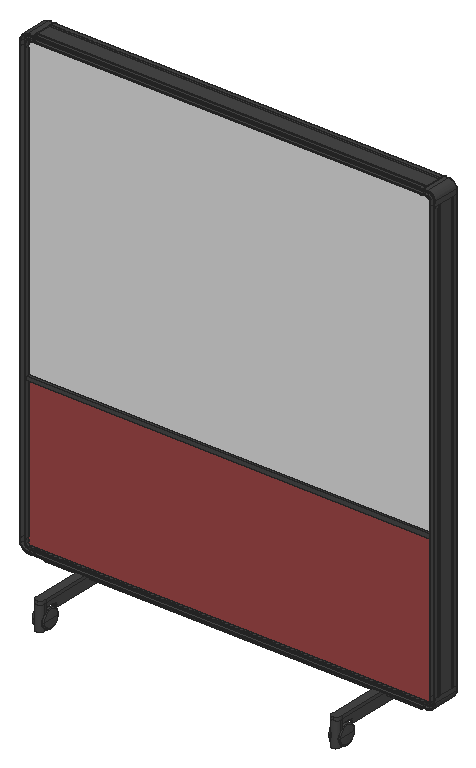
Revit family "DBLTD_TheSenatorGroup_PrvcyScrn_AdaptWall_Screen", category Furniture, Revit 2020
Family settings
  OmniClass Number = 23.40.20.00
  OmniClass Title = General Furniture and Specialties
  Work Plane-Based = No
  Always vertical = Yes
  Cut with Voids When Loaded = No
  Shared = Yes
  Room Calculation Point = No
Parameters (values of type "Screen Fabric & Magnetic Drywipe Upper Panels, MFC Lower Panels 1650mm Wide")
  WarrantyStartDate [instance] = "1900-12-31T23:59:59"
  WarrantyGuarantorParts = "n/a"
  WarrantyGuarantorLabor = "n/a"
  WarrantyDurationUnit = "Years"
  WarrantyDurationParts = "n/a"
  WarrantyDurationLabor = "n/a"
  WarrantyDescription = "Senator warrants that its manufactured products are free from manufacturing defects - in materials or workmanship - for a period of ten (10) years on Senator Seating ranges; and fifteen (15) years on Senator Desking ranges"
  Version = "1"  # constant formula
  Uniclass2015Version = "Products v1.9"
  Uniclass2015Title = "Privacy screens"
  Uniclass2015Code = "Pr_40_30_20_65"
  URL = "https://www.thesenatorgroup.com/"
  Type Comments = ModelReference  # "Screen Fabric & Magnetic Drywipe Upper Panels, MFC Lower Panels 1650mm Wide"
  TagNumber [instance] = "n/a"
  SustainabilityPerformance = "n/a"
  Style = "n/a"
  Status [instance] = "New"
  Size = "L 530mm x  W 1650mm x  H 1965mm"
  Shape = "Rectangular"
  SerialNumber [instance] = "n/a"
  ScreenType = DBLTD_TheSenatorGroup_OffcStrg_AdaptWall_Screen : Fabric & Drywipe with MFC
  ScreenPanelMaterial = TheSenatorGroup_Drywipe_White
  ScreenMaterial [instance] = TheSenatorGroup_Fabric_Grey
  Revision = "n/a"
  ReplacementCost = "0"
  Reference = "n/a"
  ProductInformation = "https://www.thesenatorgroup.com/"
  PanelMaterial [instance] = TheSenatorGroup_Wood_StrataOak
  NominalWidth = 1650 mm
  NominalLength = NominalWidth  # 1650 mm
  NominalHeight = 1965 mm
  NominalDepth = 530 mm
  Name = "PrivacyScreens_AdaptWall_Screen_TheSenatorGroup"
  NBSReference = "45-35-25/320"
  NBSDescription = "Freestanding Screens"
  NBSCertification = ""
  ModelReference = "Screen Fabric & Magnetic Drywipe Upper Panels, MFC Lower Panels 1650mm Wide"
  ModelNumber = "AW2016MFMD"
  Model = ModelNumber  # "AW2016MFMD"
  Material = "MFC, Fabric"
  ManufacturerURL = "https://www.thesenatorgroup.com/"
  ManufacturerName = "The Senator Group"
  Manufacturer = "The Senator Group"
  MainColor = "n/a"
  Keynote = "Pr_40_30_20_65"
  IsBuiltIn = no
  IntegralAccessories = "n/a"
  InstallationDate [instance] = "1900-12-31T23:59:59"
  IfcExportType = "Screen"  # constant formula
  IfcExportAs = "IfcFurnitureTypeEnum"  # constant formula
  Grade = "n/a"
  FramesColour = "Black, White"
  FrameMaterial [instance] = TheSenatorGroup_Metal_Black
  Finish = "Frame available in Black or White. Fabric Camirs Blazer Range. MFC Storage available in Black, White or Strata Oak."
  Features = "Media Unit Screen"
  ExpectedLife = "n/a"
  DurationUnit = "Years"
  DimensionsPlanSize = "1650 mm x 530 mm"
  DimensionsHeight = "1965"
  Description = ModelReference  # "Screen Fabric & Magnetic Drywipe Upper Panels, MFC Lower Panels 1650mm Wide"
  Default Elevation = 0 mm
  Cost = 0
  Constituents = "n/a"
  Color = "n/a"
  CodePerformance = "n/a"
  Category = "Pr_40_30_20_65:Privacy screens"
  BarCode [instance] = "n/a"
  Author = "Diane Butterworth Ltd"  # constant formula
  AssetType = "Movable"
  AssetIdentifier [instance] = "n/a"
  Assembly Code = "E2020200"
  AccessibilityPerformance = "n/a"
Reference planes
  plane 1 "Center (Front/Back)": y = 0
  plane 2: z = 0
  plane 3 "Center (Left/Right)": x = 0
  plane 4: z = 1965
  plane 5: x = 825
  plane 6: x = -825
Dimensions and locks
  "NominalHeight": plane 4 to plane 2
  equal spacing: plane 6, plane 3 "Center (Left/Right)", plane 5
  "NominalWidth": plane 6 to plane 5
  aligned and locked: level to plane 2
  aligned and locked: plane 3 "Center (Left/Right)" to nested 1
Nested families
  nested 1: "DBLTD_TheSenatorGroup_OffcStrg_AdaptWall_Frame" at (0, 229, 0), FrameWidth <- "NominalWidth", FrameMaterial <- "FrameMaterial", type "Frame with Castors"
    with FrameWidth 1650 mm, FrameMaterial TheSenatorGroup_Metal_Black
  nested 2: "DBLTD_TheSenatorGroup_OffcStrg_AdaptWall_Screen" at (0, 229, 0), FrameMaterial <- "FrameMaterial", PanelMaterial <- "PanelMaterial", ScreenMaterial <- "ScreenMaterial", type <- "ScreenType", FrameWidth <- "NominalWidth", type "Fabric & Drywipe with MFC"
    with ScreenMaterial TheSenatorGroup_Fabric_Grey, PanelMaterial TheSenatorGroup_Wood_StrataOak, FrameWidth 1650 mm, FrameMaterial TheSenatorGroup_Metal_Black
Definition of nested family "DBLTD_TheSenatorGroup_OffcStrg_AdaptWall_Frame"
  Parameters (values of type "Frame with Castors")
    URL = ""
    Type Comments = ""
    Model = ""
    Manufacturer = ""
    Keynote = ""
    FrameWidth [instance] = 1250 mm
    FrameMaterial [instance] = none
    Description = ""
    Default Elevation = 0 mm
    Cost = 0
  Reference planes
    plane 1: z = 0
    plane 2 "Center (Left/Right)": x = 0
    plane 3: y = -229
    plane 4: x = -576.25
    plane 5: x = 576.25
    plane 6: x = -625
    plane 7: x = 625
    plane 8: x = -401.881
    plane 9: x = -376.119
    plane 10: x = 401.881
    plane 11: x = 376.119
  Forms (mm)
    Extrusion 1, solid, material <- "FrameMaterial"
      sketch origin (0, 0, 0) x (1, 0, 0) y (0, 0, 1)
        loop
          line (-536.332, 87.142) -> (536.284, 87.142)
          arc (536.284, 87.142) -> (544.073, 88.158) -> (551.332, 91.161) r 30
          line (551.332, 91.161) -> (594.6, 116.142) -> (-594.6, 116.142) -> (-551.332, 91.161)
          arc (-551.332, 91.161) -> (-544.097, 88.164) -> (-536.332, 87.142) r 30
      from 198.323 to 259.677
    Extrusion 2, void
      sketch origin (0, 0, 0) x (0, 1, 0) y (0, 0, 1)
        loop
          line (-206.193, 115.454) -> (-207.677, 87.142) -> (-198.323, 87.142) -> (-198.323, 116.142) -> (-206.193, 115.454)
        loop
          line (-251.807, 115.454) -> (-259.677, 116.142) -> (-259.677, 87.142) -> (-250.323, 87.142) -> (-251.807, 115.454)
      from -802.4 to 802.4
    Extrusion 3, solid, material <- "FrameMaterial"
      sketch origin (0, 0, 75) x (-1, 0, 0) y (0, -1, 0)
        loop
          arc (405.5, 471.871) -> (389, 495.177) -> (372.5, 471.871) r 17.494
          line (372.5, 471.871) -> (372.5, -13.871)
          arc (372.5, -13.871) -> (389, -37.177) -> (405.5, -13.871) r 17.494
          line (405.5, -13.871) -> (405.5, 471.871)
      from 24.957 to 35.858
    Extrusion 4, solid, material <- "FrameMaterial"
      sketch origin (0, 0, 75) x (-1, 0, 0) y (0, -1, 0)
        loop
          circle (389, 477.683) r 17.494
      from -73 to 24.957
    Extrusion 5, solid, material <- "FrameMaterial"
      sketch origin (0, -458, 75) x (-1, 0, 0) y (0, -1, 0)
        loop
          circle (389, -477.683) r 17.494
      from -73 to 24.957
    Revolve 6, solid, material <- "FrameMaterial"
      sketch origin (0, 0, 37.5) x (-1, 0, 0) y (0, -1, 0)
        loop
          line (376.119, 489.895) -> (368.353, 489.895) -> (365.897, 485.641)
          arc (365.897, 485.641) -> (364.038, 469.064) -> (363.417, 452.395) r 224.102
          line (363.417, 452.395) -> (414.583, 452.395)
          arc (414.583, 452.395) -> (413.963, 469.064) -> (412.104, 485.641) r 224.102
          line (412.104, 485.641) -> (409.648, 489.895) -> (401.881, 489.895) -> (401.881, 462.895) -> (376.119, 462.895) -> (376.119, 489.895)
        axis (414.583, 452.395) -> (363.417, 452.395)
      angle from 0 to 360
    Extrusion 7, solid, material <- "FrameMaterial"
      sketch origin (0, 0, 0) x (0, 1, 0) y (0, 0, 1)
        loop
          line (-271.631, 1948.544) -> (-281.608, 1945.904)
          arc (-281.608, 1945.904) -> (-282.412, 1945.369) -> (-282.724, 1944.454) r 1.5
          line (-282.724, 1944.454) -> (-282.724, 1943.31)
          arc (-282.724, 1943.31) -> (-282.431, 1942.603) -> (-281.724, 1942.31) r 1
          line (-281.724, 1942.31) -> (-266.634, 1942.31)
          arc (-266.634, 1942.31) -> (-265.589, 1942.365) -> (-264.555, 1942.529) r 10
          line (-264.555, 1942.529) -> (-259.755, 1943.549)
          arc (-259.755, 1943.549) -> (-258.721, 1943.713) -> (-257.676, 1943.767) r 10
          line (-257.676, 1943.767) -> (-200.324, 1943.767)
          arc (-200.324, 1943.767) -> (-199.279, 1943.713) -> (-198.245, 1943.549) r 10
          line (-198.245, 1943.549) -> (-193.445, 1942.529)
          arc (-193.445, 1942.529) -> (-192.411, 1942.365) -> (-191.366, 1942.31) r 10
          line (-191.366, 1942.31) -> (-176.276, 1942.31)
          arc (-176.276, 1942.31) -> (-175.569, 1942.603) -> (-175.276, 1943.31) r 1
          line (-175.276, 1943.31) -> (-175.276, 1944.454)
          arc (-175.276, 1944.454) -> (-175.588, 1945.369) -> (-176.392, 1945.904) r 1.5
          line (-176.392, 1945.904) -> (-186.369, 1948.544)
          arc (-186.369, 1948.544) -> (-187.442, 1949.258) -> (-187.857, 1950.478) r 2
          line (-187.857, 1950.478) -> (-187.857, 1956.743)
          arc (-187.857, 1956.743) -> (-187.442, 1957.963) -> (-186.369, 1958.676) r 2
          line (-186.369, 1958.676) -> (-176.392, 1961.317)
          arc (-176.392, 1961.317) -> (-175.588, 1961.852) -> (-175.276, 1962.767) r 1.5
          line (-175.276, 1962.767) -> (-175.276, 1963.91)
          arc (-175.276, 1963.91) -> (-175.569, 1964.617) -> (-176.276, 1964.91) r 1
          line (-176.276, 1964.91) -> (-191.366, 1964.91)
          arc (-191.366, 1964.91) -> (-192.411, 1964.855) -> (-193.445, 1964.692) r 10
          line (-193.445, 1964.692) -> (-198.245, 1963.671)
          arc (-198.245, 1963.671) -> (-199.279, 1963.508) -> (-200.324, 1963.453) r 10
          line (-200.324, 1963.453) -> (-257.676, 1963.453)
          arc (-257.676, 1963.453) -> (-258.721, 1963.508) -> (-259.755, 1963.671) r 10
          line (-259.755, 1963.671) -> (-264.555, 1964.692)
          arc (-264.555, 1964.692) -> (-265.589, 1964.855) -> (-266.634, 1964.91) r 10
          line (-266.634, 1964.91) -> (-281.724, 1964.91)
          arc (-281.724, 1964.91) -> (-282.431, 1964.617) -> (-282.724, 1963.91) r 1
          line (-282.724, 1963.91) -> (-282.724, 1962.767)
          arc (-282.724, 1962.767) -> (-282.412, 1961.852) -> (-281.608, 1961.317) r 1.5
          line (-281.608, 1961.317) -> (-271.631, 1958.676)
          arc (-271.631, 1958.676) -> (-270.558, 1957.963) -> (-270.143, 1956.743) r 2
          line (-270.143, 1956.743) -> (-270.143, 1950.478)
          arc (-270.143, 1950.478) -> (-270.558, 1949.258) -> (-271.631, 1948.544) r 2
      from -576.25 to 576.25
    Extrusion 8, solid, material <- "FrameMaterial"
      sketch origin (0, 0, -1826.168) x (0, 1, 0) y (0, 0, 1)
        loop
          line (-271.631, 1948.544) -> (-281.608, 1945.904)
          arc (-281.608, 1945.904) -> (-282.412, 1945.369) -> (-282.724, 1944.454) r 1.5
          line (-282.724, 1944.454) -> (-282.724, 1943.31)
          arc (-282.724, 1943.31) -> (-282.431, 1942.603) -> (-281.724, 1942.31) r 1
          line (-281.724, 1942.31) -> (-266.634, 1942.31)
          arc (-266.634, 1942.31) -> (-265.589, 1942.365) -> (-264.555, 1942.529) r 10
          line (-264.555, 1942.529) -> (-259.755, 1943.549)
          arc (-259.755, 1943.549) -> (-258.721, 1943.713) -> (-257.676, 1943.767) r 10
          line (-257.676, 1943.767) -> (-200.324, 1943.767)
          arc (-200.324, 1943.767) -> (-199.279, 1943.713) -> (-198.245, 1943.549) r 10
          line (-198.245, 1943.549) -> (-193.445, 1942.529)
          arc (-193.445, 1942.529) -> (-192.411, 1942.365) -> (-191.366, 1942.31) r 10
          line (-191.366, 1942.31) -> (-176.276, 1942.31)
          arc (-176.276, 1942.31) -> (-175.569, 1942.603) -> (-175.276, 1943.31) r 1
          line (-175.276, 1943.31) -> (-175.276, 1944.454)
          arc (-175.276, 1944.454) -> (-175.588, 1945.369) -> (-176.392, 1945.904) r 1.5
          line (-176.392, 1945.904) -> (-186.369, 1948.544)
          arc (-186.369, 1948.544) -> (-187.442, 1949.258) -> (-187.857, 1950.478) r 2
          line (-187.857, 1950.478) -> (-187.857, 1956.743)
          arc (-187.857, 1956.743) -> (-187.442, 1957.963) -> (-186.369, 1958.676) r 2
          line (-186.369, 1958.676) -> (-176.392, 1961.317)
          arc (-176.392, 1961.317) -> (-175.588, 1961.852) -> (-175.276, 1962.767) r 1.5
          line (-175.276, 1962.767) -> (-175.276, 1963.91)
          arc (-175.276, 1963.91) -> (-175.569, 1964.617) -> (-176.276, 1964.91) r 1
          line (-176.276, 1964.91) -> (-191.366, 1964.91)
          arc (-191.366, 1964.91) -> (-192.411, 1964.855) -> (-193.445, 1964.692) r 10
          line (-193.445, 1964.692) -> (-198.245, 1963.671)
          arc (-198.245, 1963.671) -> (-199.279, 1963.508) -> (-200.324, 1963.453) r 10
          line (-200.324, 1963.453) -> (-257.676, 1963.453)
          arc (-257.676, 1963.453) -> (-258.721, 1963.508) -> (-259.755, 1963.671) r 10
          line (-259.755, 1963.671) -> (-264.555, 1964.692)
          arc (-264.555, 1964.692) -> (-265.589, 1964.855) -> (-266.634, 1964.91) r 10
          line (-266.634, 1964.91) -> (-281.724, 1964.91)
          arc (-281.724, 1964.91) -> (-282.431, 1964.617) -> (-282.724, 1963.91) r 1
          line (-282.724, 1963.91) -> (-282.724, 1962.767)
          arc (-282.724, 1962.767) -> (-282.412, 1961.852) -> (-281.608, 1961.317) r 1.5
          line (-281.608, 1961.317) -> (-271.631, 1958.676)
          arc (-271.631, 1958.676) -> (-270.558, 1957.963) -> (-270.143, 1956.743) r 2
          line (-270.143, 1956.743) -> (-270.143, 1950.478)
          arc (-270.143, 1950.478) -> (-270.558, 1949.258) -> (-271.631, 1948.544) r 2
      from -576.25 to 576.25
    Extrusion 9, solid, material <- "FrameMaterial"
      sketch origin (-2567.31, 0, 741.142) x (0, 1, 0) y (-1, 0, 0)
        loop
          arc (-271.631, -1948.544) -> (-270.558, -1949.258) -> (-270.143, -1950.478) r 2
          line (-270.143, -1950.478) -> (-270.143, -1956.743)
          arc (-270.143, -1956.743) -> (-270.558, -1957.963) -> (-271.631, -1958.676) r 2
          line (-271.631, -1958.676) -> (-281.608, -1961.317)
          arc (-281.608, -1961.317) -> (-282.412, -1961.852) -> (-282.724, -1962.767) r 1.5
          line (-282.724, -1962.767) -> (-282.724, -1963.91)
          arc (-282.724, -1963.91) -> (-282.431, -1964.617) -> (-281.724, -1964.91) r 1
          line (-281.724, -1964.91) -> (-266.634, -1964.91)
          arc (-266.634, -1964.91) -> (-265.589, -1964.855) -> (-264.555, -1964.692) r 10
          line (-264.555, -1964.692) -> (-259.755, -1963.671)
          arc (-259.755, -1963.671) -> (-258.721, -1963.508) -> (-257.676, -1963.453) r 10
          line (-257.676, -1963.453) -> (-200.324, -1963.453)
          arc (-200.324, -1963.453) -> (-199.279, -1963.508) -> (-198.245, -1963.671) r 10
          line (-198.245, -1963.671) -> (-193.445, -1964.692)
          arc (-193.445, -1964.692) -> (-192.411, -1964.855) -> (-191.366, -1964.91) r 10
          line (-191.366, -1964.91) -> (-176.276, -1964.91)
          arc (-176.276, -1964.91) -> (-175.569, -1964.617) -> (-175.276, -1963.91) r 1
          line (-175.276, -1963.91) -> (-175.276, -1962.767)
          arc (-175.276, -1962.767) -> (-175.588, -1961.852) -> (-176.392, -1961.317) r 1.5
          line (-176.392, -1961.317) -> (-186.369, -1958.676)
          arc (-186.369, -1958.676) -> (-187.442, -1957.963) -> (-187.857, -1956.743) r 2
          line (-187.857, -1956.743) -> (-187.857, -1950.478)
          arc (-187.857, -1950.478) -> (-187.442, -1949.258) -> (-186.369, -1948.544) r 2
          line (-186.369, -1948.544) -> (-176.392, -1945.904)
          arc (-176.392, -1945.904) -> (-175.588, -1945.369) -> (-175.276, -1944.454) r 1.5
          line (-175.276, -1944.454) -> (-175.276, -1943.31)
          arc (-175.276, -1943.31) -> (-175.569, -1942.603) -> (-176.276, -1942.31) r 1
          line (-176.276, -1942.31) -> (-191.366, -1942.31)
          arc (-191.366, -1942.31) -> (-192.411, -1942.365) -> (-193.445, -1942.529) r 10
          line (-193.445, -1942.529) -> (-198.245, -1943.549)
          arc (-198.245, -1943.549) -> (-199.279, -1943.713) -> (-200.324, -1943.767) r 10
          line (-200.324, -1943.767) -> (-257.676, -1943.767)
          arc (-257.676, -1943.767) -> (-258.721, -1943.713) -> (-259.755, -1943.549) r 10
          line (-259.755, -1943.549) -> (-264.555, -1942.529)
          arc (-264.555, -1942.529) -> (-265.589, -1942.365) -> (-266.634, -1942.31) r 10
          line (-266.634, -1942.31) -> (-281.724, -1942.31)
          arc (-281.724, -1942.31) -> (-282.431, -1942.603) -> (-282.724, -1943.31) r 1
          line (-282.724, -1943.31) -> (-282.724, -1944.454)
          arc (-282.724, -1944.454) -> (-282.412, -1945.369) -> (-281.608, -1945.904) r 1.5
          line (-281.608, -1945.904) -> (-271.631, -1948.544)
      from -576.25 to 1175.018
    Extrusion 10, solid, material <- "FrameMaterial"
      sketch origin (2567.31, 0, 741.142) x (0, 1, 0) y (-1, 0, 0)
        loop
          line (-271.631, 1948.544) -> (-281.608, 1945.904)
          arc (-281.608, 1945.904) -> (-282.412, 1945.369) -> (-282.724, 1944.454) r 1.5
          line (-282.724, 1944.454) -> (-282.724, 1943.31)
          arc (-282.724, 1943.31) -> (-282.431, 1942.603) -> (-281.724, 1942.31) r 1
          line (-281.724, 1942.31) -> (-266.634, 1942.31)
          arc (-266.634, 1942.31) -> (-265.589, 1942.365) -> (-264.555, 1942.529) r 10
          line (-264.555, 1942.529) -> (-259.755, 1943.549)
          arc (-259.755, 1943.549) -> (-258.721, 1943.713) -> (-257.676, 1943.767) r 10
          line (-257.676, 1943.767) -> (-200.324, 1943.767)
          arc (-200.324, 1943.767) -> (-199.279, 1943.713) -> (-198.245, 1943.549) r 10
          line (-198.245, 1943.549) -> (-193.445, 1942.529)
          arc (-193.445, 1942.529) -> (-192.411, 1942.365) -> (-191.366, 1942.31) r 10
          line (-191.366, 1942.31) -> (-176.276, 1942.31)
          arc (-176.276, 1942.31) -> (-175.569, 1942.603) -> (-175.276, 1943.31) r 1
          line (-175.276, 1943.31) -> (-175.276, 1944.454)
          arc (-175.276, 1944.454) -> (-175.588, 1945.369) -> (-176.392, 1945.904) r 1.5
          line (-176.392, 1945.904) -> (-186.369, 1948.544)
          arc (-186.369, 1948.544) -> (-187.442, 1949.258) -> (-187.857, 1950.478) r 2
          line (-187.857, 1950.478) -> (-187.857, 1956.743)
          arc (-187.857, 1956.743) -> (-187.442, 1957.963) -> (-186.369, 1958.676) r 2
          line (-186.369, 1958.676) -> (-176.392, 1961.317)
          arc (-176.392, 1961.317) -> (-175.588, 1961.852) -> (-175.276, 1962.767) r 1.5
          line (-175.276, 1962.767) -> (-175.276, 1963.91)
          arc (-175.276, 1963.91) -> (-175.569, 1964.617) -> (-176.276, 1964.91) r 1
          line (-176.276, 1964.91) -> (-191.366, 1964.91)
          arc (-191.366, 1964.91) -> (-192.411, 1964.855) -> (-193.445, 1964.692) r 10
          line (-193.445, 1964.692) -> (-198.245, 1963.671)
          arc (-198.245, 1963.671) -> (-199.279, 1963.508) -> (-200.324, 1963.453) r 10
          line (-200.324, 1963.453) -> (-257.676, 1963.453)
          arc (-257.676, 1963.453) -> (-258.721, 1963.508) -> (-259.755, 1963.671) r 10
          line (-259.755, 1963.671) -> (-264.555, 1964.692)
          arc (-264.555, 1964.692) -> (-265.589, 1964.855) -> (-266.634, 1964.91) r 10
          line (-266.634, 1964.91) -> (-281.724, 1964.91)
          arc (-281.724, 1964.91) -> (-282.431, 1964.617) -> (-282.724, 1963.91) r 1
          line (-282.724, 1963.91) -> (-282.724, 1962.767)
          arc (-282.724, 1962.767) -> (-282.412, 1961.852) -> (-281.608, 1961.317) r 1.5
          line (-281.608, 1961.317) -> (-271.631, 1958.676)
          arc (-271.631, 1958.676) -> (-270.558, 1957.963) -> (-270.143, 1956.743) r 2
          line (-270.143, 1956.743) -> (-270.143, 1950.478)
          arc (-270.143, 1950.478) -> (-270.558, 1949.258) -> (-271.631, 1948.544) r 2
      from -576.25 to 1175.018
    Revolve 11, solid, material <- "FrameMaterial"
      sketch origin (0, -458, 37.5) x (-1, 0, 0) y (0, -1, 0)
        loop
          line (376.119, -489.895) -> (376.119, -462.895) -> (401.881, -462.895) -> (401.881, -489.895) -> (409.648, -489.895) -> (412.104, -485.641)
          arc (412.104, -485.641) -> (413.963, -469.064) -> (414.583, -452.395) r 224.102
          line (414.583, -452.395) -> (363.417, -452.395)
          arc (363.417, -452.395) -> (364.038, -469.064) -> (365.897, -485.641) r 224.102
          line (365.897, -485.641) -> (368.353, -489.895) -> (376.119, -489.895)
        axis (414.583, -452.395) -> (363.417, -452.395)
      angle from 0 to 360
    Extrusion 12, solid, material <- "FrameMaterial"
      sketch origin (0, 0, 75) x (1, 0, 0) y (0, 1, 0)
        loop
          line (405.5, -471.871) -> (405.5, 13.871)
          arc (405.5, 13.871) -> (389, 37.177) -> (372.5, 13.871) r 17.494
          line (372.5, 13.871) -> (372.5, -471.871)
          arc (372.5, -471.871) -> (389, -495.177) -> (405.5, -471.871) r 17.494
      from 24.957 to 35.858
    Extrusion 13, solid, material <- "FrameMaterial"
      sketch origin (0, 0, 0) x (0, 1, 0) y (0, 0, -1)
        loop
          line (-41.377, -73.17) -> (-46.59, -63.366)
          arc (-46.59, -63.366) -> (-51.005, -58.714) -> (-57.185, -57) r 12
          line (-57.185, -57) -> (-400.815, -57)
          arc (-400.815, -57) -> (-406.995, -58.714) -> (-411.41, -63.366) r 12
          line (-411.41, -63.366) -> (-416.623, -73.17)
          arc (-416.623, -73.17) -> (-421.038, -77.822) -> (-427.218, -79.536) r 12
          line (-427.218, -79.536) -> (-471.871, -79.536) -> (-471.871, -99.957) -> (-250.995, -99.957) -> (-250.323, -87.142) -> (-207.677, -87.142) -> (-207.005, -99.957) -> (13.871, -99.957) -> (13.871, -79.536) -> (-30.782, -79.536)
          arc (-30.782, -79.536) -> (-36.962, -77.822) -> (-41.377, -73.17) r 12
      from -401.881 to -376.119
    Extrusion 14, solid, material <- "FrameMaterial"
      sketch origin (0, 0, 75) x (1, 0, 0) y (0, 1, 0)
        loop
          circle (389, -477.683) r 17.494
      from -73 to 24.957
    Extrusion 15, solid, material <- "FrameMaterial"
      sketch origin (0, -458, 75) x (1, 0, 0) y (0, 1, 0)
        loop
          circle (389, 477.683) r 17.494
      from -73 to 24.957
    Revolve 16, solid, material <- "FrameMaterial"
      sketch origin (0, 0, 37.5) x (1, 0, 0) y (0, 1, 0)
        loop
          line (376.119, -489.895) -> (376.119, -462.895) -> (401.881, -462.895) -> (401.881, -489.895) -> (409.648, -489.895) -> (412.104, -485.641)
          arc (412.104, -485.641) -> (413.963, -469.064) -> (414.583, -452.395) r 224.102
          line (414.583, -452.395) -> (363.417, -452.395)
          arc (363.417, -452.395) -> (364.038, -469.064) -> (365.897, -485.641) r 224.102
          line (365.897, -485.641) -> (368.353, -489.895) -> (376.119, -489.895)
        axis (414.583, -452.395) -> (363.417, -452.395)
      angle from 0 to 360
    Revolve 17, solid, material <- "FrameMaterial"
      sketch origin (0, -458, 37.5) x (1, 0, 0) y (0, 1, 0)
        loop
          line (376.119, 489.895) -> (368.353, 489.895) -> (365.897, 485.641)
          arc (365.897, 485.641) -> (364.038, 469.064) -> (363.417, 452.395) r 224.102
          line (363.417, 452.395) -> (414.583, 452.395)
          arc (414.583, 452.395) -> (413.963, 469.064) -> (412.104, 485.641) r 224.102
          line (412.104, 485.641) -> (409.648, 489.895) -> (401.881, 489.895) -> (401.881, 462.895) -> (376.119, 462.895) -> (376.119, 489.895)
        axis (414.583, 452.395) -> (363.417, 452.395)
      angle from 0 to 360
    Extrusion 18, solid, material <- "FrameMaterial"
      sketch origin (0, 0, 0) x (0, 1, 0) y (0, 0, 1)
        loop
          arc (-41.377, 73.17) -> (-36.962, 77.822) -> (-30.782, 79.536) r 12
          line (-30.782, 79.536) -> (13.871, 79.536) -> (13.871, 99.957) -> (-207.005, 99.957) -> (-207.677, 87.142) -> (-250.323, 87.142) -> (-250.995, 99.957) -> (-471.871, 99.957) -> (-471.871, 79.536) -> (-427.218, 79.536)
          arc (-427.218, 79.536) -> (-421.038, 77.822) -> (-416.623, 73.17) r 12
          line (-416.623, 73.17) -> (-411.41, 63.366)
          arc (-411.41, 63.366) -> (-406.995, 58.714) -> (-400.815, 57) r 12
          line (-400.815, 57) -> (-57.185, 57)
          arc (-57.185, 57) -> (-51.005, 58.714) -> (-46.59, 63.366) r 12
          line (-46.59, 63.366) -> (-41.377, 73.17)
      from -401.881 to -376.119
    Sweep 19, solid, material <- "FrameMaterial"
      path origin (0, 0, 0) x (1, 0, 0) y (0, 0, 1)
        loop
          line (-625, 164.892) -> (-625, 146.142)
          arc (-625, 146.142) -> (-616.213, 124.929) -> (-595, 116.142) r 30
          line (-595, 116.142) -> (-576.25, 116.142)
      profile origin (-625, 0, 155.517) x (0, -1, 0) y (1, 0, 0)
        loop
          arc (281.724, 0) -> (282.431, 0.293) -> (282.724, 1) r 1
          line (282.724, 1) -> (282.724, 2.143)
          arc (282.724, 2.143) -> (282.412, 3.058) -> (281.608, 3.594) r 1.5
          line (281.608, 3.594) -> (271.631, 6.234)
          arc (271.631, 6.234) -> (270.558, 6.948) -> (270.143, 8.168) r 2
          line (270.143, 8.168) -> (270.143, 14.432)
          arc (270.143, 14.432) -> (270.558, 15.652) -> (271.631, 16.366) r 2
          line (271.631, 16.366) -> (281.608, 19.006)
          arc (281.608, 19.006) -> (282.412, 19.542) -> (282.724, 20.457) r 1.5
          line (282.724, 20.457) -> (282.724, 21.6)
          arc (282.724, 21.6) -> (282.431, 22.307) -> (281.724, 22.6) r 1
          line (281.724, 22.6) -> (266.634, 22.6)
          arc (266.634, 22.6) -> (265.589, 22.545) -> (264.555, 22.381) r 10
          line (264.555, 22.381) -> (259.755, 21.361)
          arc (259.755, 21.361) -> (258.721, 21.197) -> (257.676, 21.143) r 10
          line (257.676, 21.143) -> (200.324, 21.143)
          arc (200.324, 21.143) -> (199.279, 21.197) -> (198.245, 21.361) r 10
          line (198.245, 21.361) -> (193.445, 22.381)
          arc (193.445, 22.381) -> (192.411, 22.545) -> (191.366, 22.6) r 10
          line (191.366, 22.6) -> (176.276, 22.6)
          arc (176.276, 22.6) -> (175.569, 22.307) -> (175.276, 21.6) r 1
          line (175.276, 21.6) -> (175.276, 20.457)
          arc (175.276, 20.457) -> (175.588, 19.542) -> (176.392, 19.006) r 1.5
          line (176.392, 19.006) -> (186.369, 16.366)
          arc (186.369, 16.366) -> (187.442, 15.652) -> (187.857, 14.432) r 2
          line (187.857, 14.432) -> (187.857, 8.168)
          arc (187.857, 8.168) -> (187.442, 6.948) -> (186.369, 6.234) r 2
          line (186.369, 6.234) -> (176.392, 3.594)
          arc (176.392, 3.594) -> (175.588, 3.058) -> (175.276, 2.143) r 1.5
          line (175.276, 2.143) -> (175.276, 1)
          arc (175.276, 1) -> (175.569, 0.293) -> (176.276, 0) r 1
          line (176.276, 0) -> (281.724, 0)
    Sweep 20, solid, material <- "FrameMaterial"
      path origin (0, 0, 0) x (-1, 0, 0) y (0, 0, -1)
        loop
          line (-625, -164.892) -> (-625, -146.142)
          arc (-625, -146.142) -> (-616.213, -124.929) -> (-595, -116.142) r 30
          line (-595, -116.142) -> (-576.25, -116.142)
      profile origin (625, 0, 155.517) x (0, -1, 0) y (1, 0, 0)
        loop
          line (281.724, 0) -> (176.276, 0)
          arc (176.276, 0) -> (175.569, -0.293) -> (175.276, -1) r 1
          line (175.276, -1) -> (175.276, -2.143)
          arc (175.276, -2.143) -> (175.588, -3.058) -> (176.392, -3.594) r 1.5
          line (176.392, -3.594) -> (186.369, -6.234)
          arc (186.369, -6.234) -> (187.442, -6.948) -> (187.857, -8.168) r 2
          line (187.857, -8.168) -> (187.857, -14.432)
          arc (187.857, -14.432) -> (187.442, -15.652) -> (186.369, -16.366) r 2
          line (186.369, -16.366) -> (176.392, -19.006)
          arc (176.392, -19.006) -> (175.588, -19.542) -> (175.276, -20.457) r 1.5
          line (175.276, -20.457) -> (175.276, -21.6)
          arc (175.276, -21.6) -> (175.569, -22.307) -> (176.276, -22.6) r 1
          line (176.276, -22.6) -> (191.366, -22.6)
          arc (191.366, -22.6) -> (192.411, -22.545) -> (193.445, -22.381) r 10
          line (193.445, -22.381) -> (198.245, -21.361)
          arc (198.245, -21.361) -> (199.279, -21.197) -> (200.324, -21.143) r 10
          line (200.324, -21.143) -> (257.676, -21.143)
          arc (257.676, -21.143) -> (258.721, -21.197) -> (259.755, -21.361) r 10
          line (259.755, -21.361) -> (264.555, -22.381)
          arc (264.555, -22.381) -> (265.589, -22.545) -> (266.634, -22.6) r 10
          line (266.634, -22.6) -> (281.724, -22.6)
          arc (281.724, -22.6) -> (282.431, -22.307) -> (282.724, -21.6) r 1
          line (282.724, -21.6) -> (282.724, -20.457)
          arc (282.724, -20.457) -> (282.412, -19.542) -> (281.608, -19.006) r 1.5
          line (281.608, -19.006) -> (271.631, -16.366)
          arc (271.631, -16.366) -> (270.558, -15.652) -> (270.143, -14.432) r 2
          line (270.143, -14.432) -> (270.143, -8.168)
          arc (270.143, -8.168) -> (270.558, -6.948) -> (271.631, -6.234) r 2
          line (271.631, -6.234) -> (281.608, -3.594)
          arc (281.608, -3.594) -> (282.412, -3.058) -> (282.724, -2.143) r 1.5
          line (282.724, -2.143) -> (282.724, -1)
          arc (282.724, -1) -> (282.431, -0.293) -> (281.724, 0) r 1
    Sweep 21, solid, material <- "FrameMaterial"
      path origin (0, 0, 2081.052) x (1, 0, 0) y (0, 0, 1)
        loop
          line (-625, -164.892) -> (-625, -146.142)
          arc (-625, -146.142) -> (-616.213, -124.929) -> (-595, -116.142) r 30
          line (-595, -116.142) -> (-576.25, -116.142)
      profile origin (-625, 0, 1925.535) x (-1, 0, 0) y (0, -1, 0)
        loop
          arc (0, 281.724) -> (-0.293, 282.431) -> (-1, 282.724) r 1
          line (-1, 282.724) -> (-2.143, 282.724)
          arc (-2.143, 282.724) -> (-3.058, 282.412) -> (-3.594, 281.608) r 1.5
          line (-3.594, 281.608) -> (-6.234, 271.631)
          arc (-6.234, 271.631) -> (-6.948, 270.558) -> (-8.168, 270.143) r 2
          line (-8.168, 270.143) -> (-14.432, 270.143)
          arc (-14.432, 270.143) -> (-15.652, 270.558) -> (-16.366, 271.631) r 2
          line (-16.366, 271.631) -> (-19.006, 281.608)
          arc (-19.006, 281.608) -> (-19.542, 282.412) -> (-20.457, 282.724) r 1.5
          line (-20.457, 282.724) -> (-21.6, 282.724)
          arc (-21.6, 282.724) -> (-22.307, 282.431) -> (-22.6, 281.724) r 1
          line (-22.6, 281.724) -> (-22.6, 266.634)
          arc (-22.6, 266.634) -> (-22.545, 265.589) -> (-22.381, 264.555) r 10
          line (-22.381, 264.555) -> (-21.361, 259.755)
          arc (-21.361, 259.755) -> (-21.197, 258.721) -> (-21.143, 257.676) r 10
          line (-21.143, 257.676) -> (-21.143, 200.324)
          arc (-21.143, 200.324) -> (-21.197, 199.279) -> (-21.361, 198.245) r 10
          line (-21.361, 198.245) -> (-22.381, 193.445)
          arc (-22.381, 193.445) -> (-22.545, 192.411) -> (-22.6, 191.366) r 10
          line (-22.6, 191.366) -> (-22.6, 176.276)
          arc (-22.6, 176.276) -> (-22.307, 175.569) -> (-21.6, 175.276) r 1
          line (-21.6, 175.276) -> (-20.457, 175.276)
          arc (-20.457, 175.276) -> (-19.542, 175.588) -> (-19.006, 176.392) r 1.5
          line (-19.006, 176.392) -> (-16.366, 186.369)
          arc (-16.366, 186.369) -> (-15.652, 187.442) -> (-14.432, 187.857) r 2
          line (-14.432, 187.857) -> (-8.168, 187.857)
          arc (-8.168, 187.857) -> (-6.948, 187.442) -> (-6.234, 186.369) r 2
          line (-6.234, 186.369) -> (-3.594, 176.392)
          arc (-3.594, 176.392) -> (-3.058, 175.588) -> (-2.143, 175.276) r 1.5
          line (-2.143, 175.276) -> (-1, 175.276)
          arc (-1, 175.276) -> (-0.293, 175.569) -> (0, 176.276) r 1
          line (0, 176.276) -> (0, 281.724)
    Sweep 22, solid, material <- "FrameMaterial"
      path origin (0, 0, 2081.052) x (-1, 0, 0) y (0, 0, -1)
        loop
          line (-625, 164.892) -> (-625, 146.142)
          arc (-625, 146.142) -> (-616.213, 124.929) -> (-595, 116.142) r 30
          line (-595, 116.142) -> (-576.25, 116.142)
      profile origin (625, 0, 1925.535) x (-1, 0, 0) y (0, -1, 0)
        loop
          line (0, 281.724) -> (0, 176.276)
          arc (0, 176.276) -> (0.293, 175.569) -> (1, 175.276) r 1
          line (1, 175.276) -> (2.143, 175.276)
          arc (2.143, 175.276) -> (3.058, 175.588) -> (3.594, 176.392) r 1.5
          line (3.594, 176.392) -> (6.234, 186.369)
          arc (6.234, 186.369) -> (6.948, 187.442) -> (8.168, 187.857) r 2
          line (8.168, 187.857) -> (14.432, 187.857)
          arc (14.432, 187.857) -> (15.652, 187.442) -> (16.366, 186.369) r 2
          line (16.366, 186.369) -> (19.006, 176.392)
          arc (19.006, 176.392) -> (19.542, 175.588) -> (20.457, 175.276) r 1.5
          line (20.457, 175.276) -> (21.6, 175.276)
          arc (21.6, 175.276) -> (22.307, 175.569) -> (22.6, 176.276) r 1
          line (22.6, 176.276) -> (22.6, 191.366)
          arc (22.6, 191.366) -> (22.545, 192.411) -> (22.381, 193.445) r 10
          line (22.381, 193.445) -> (21.361, 198.245)
          arc (21.361, 198.245) -> (21.197, 199.279) -> (21.143, 200.324) r 10
          line (21.143, 200.324) -> (21.143, 257.676)
          arc (21.143, 257.676) -> (21.197, 258.721) -> (21.361, 259.755) r 10
          line (21.361, 259.755) -> (22.381, 264.555)
          arc (22.381, 264.555) -> (22.545, 265.589) -> (22.6, 266.634) r 10
          line (22.6, 266.634) -> (22.6, 281.724)
          arc (22.6, 281.724) -> (22.307, 282.431) -> (21.6, 282.724) r 1
          line (21.6, 282.724) -> (20.457, 282.724)
          arc (20.457, 282.724) -> (19.542, 282.412) -> (19.006, 281.608) r 1.5
          line (19.006, 281.608) -> (16.366, 271.631)
          arc (16.366, 271.631) -> (15.652, 270.558) -> (14.432, 270.143) r 2
          line (14.432, 270.143) -> (8.168, 270.143)
          arc (8.168, 270.143) -> (6.948, 270.558) -> (6.234, 271.631) r 2
          line (6.234, 271.631) -> (3.594, 281.608)
          arc (3.594, 281.608) -> (3.058, 282.412) -> (2.143, 282.724) r 1.5
          line (2.143, 282.724) -> (1, 282.724)
          arc (1, 282.724) -> (0.293, 282.431) -> (0, 281.724) r 1
  Cuts and joins
    Extrusion 2 cuts Extrusion 1
  Dimensions and locks
    equal spacing: plane 6, plane 2 "Center (Left/Right)", plane 7
    "FrameWidth": plane 6 to plane 7
    locked: plane 6 to plane 4 at 48.75
    locked: plane 7 to plane 5 at 48.75
    locked: plane 9 to plane 8 at 25.762
    locked: plane 8 to plane 4 at 174.369
    locked: plane 11 to plane 10 at 25.762
    locked: plane 10 to plane 5 at 174.369
    aligned and locked: level to plane 1
    aligned and locked: plane 4 to Extrusion 8
    aligned and locked: plane 5 to Extrusion 8
    aligned and locked: plane 4 to Extrusion 7
    aligned and locked: plane 5 to Extrusion 7
    aligned and locked: Extrusion 18 to plane 8
    aligned and locked: plane 9 to Extrusion 18
    aligned and locked: Extrusion 13 to plane 11
    aligned and locked: Extrusion 13 to plane 10
    aligned and locked: plane 6 to Sweep 19 sketch curve
    aligned and locked: plane 4 to Sweep 19 sketch curve
  Automatic sketch dimensions
    plane 4 to Extrusion 1 sketch curve = 18.35 mm
    Extrusion 1 sketch curve to plane 4 = 24.918 mm
    Extrusion 1 sketch curve to Extrusion 1 sketch curve = 15 mm  (x2)
    Extrusion 1 sketch curve to plane 5 = 39.966 mm
    Extrusion 1 sketch curve to Extrusion 1 sketch curve = 0.048 mm
    Extrusion 1 sketch curve to Extrusion 1 sketch curve = 15.048 mm
    plane 5 to Extrusion 1 sketch curve = 18.35 mm
    level to Extrusion 1 sketch curve = 87.142 mm  (x2)
    Extrusion 1 sketch curve to Extrusion 1 sketch curve = 4.019 mm  (x2)
    Extrusion 1 sketch curve to Extrusion 1 sketch curve = 24.981 mm
    Extrusion 2 sketch curve to plane 3 = 30.677 mm
    Extrusion 2 sketch curve to Extrusion 2 sketch curve = 7.87 mm
    Extrusion 2 sketch curve to Extrusion 2 sketch curve = 9.354 mm  (x2)
    plane 3 to Extrusion 2 sketch curve = 21.323 mm
    plane 3 to Extrusion 2 sketch curve = 22.807 mm
    level to Extrusion 2 sketch curve = 87.142 mm
    Extrusion 2 sketch curve to Extrusion 2 sketch curve = 0 mm
    Extrusion 2 sketch curve to Extrusion 2 sketch curve = 28.312 mm  (x2)
    Extrusion 2 sketch curve to Extrusion 2 sketch curve = 0.689 mm  (x2)
    plane 9 to Extrusion 3 sketch curve = 3.619 mm
    Extrusion 3 sketch curve to plane 9 = 12.881 mm  (x2)
    Extrusion 3 sketch curve to plane 8 = 3.619 mm
    plane 3 to Extrusion 3 sketch curve = 248.683 mm
    Extrusion 3 sketch curve to Extrusion 3 sketch curve = 5.812 mm  (x2)
    Extrusion 3 sketch curve to plane 3 = 242.871 mm
    Extrusion 4 sketch curve to plane 9 = 12.881 mm
    Extrusion 4 sketch curve to plane 3 = 248.683 mm
    Extrusion 5 sketch curve to plane 9 = 12.881 mm
    plane 3 to Extrusion 5 sketch curve = 248.683 mm
    Revolve 6 sketch curve to plane 9 = 0 mm
    plane 9 to Revolve 6 sketch curve = 7.766 mm
    Revolve 6 sketch curve to Revolve 6 sketch curve = 2.456 mm  (x2)
    plane 9 to Revolve 6 sketch curve = 12.702 mm
    Revolve 6 sketch curve to Revolve 6 sketch curve = 172.936 mm
    plane 8 to Revolve 6 sketch curve = 0 mm
    Revolve 6 sketch curve to plane 8 = 7.766 mm
    Revolve 6 sketch curve to plane 8 = 12.702 mm
    plane 4 to Revolve 6 sketch curve = 11.269 mm
    Revolve 6 sketch curve to plane 3 = 223.395 mm
    Revolve 6 sketch curve to Revolve 6 sketch curve = 10.5 mm
    Revolve 6 sketch curve to Revolve 6 sketch curve = 4.254 mm  (x2)
    Revolve 6 sketch curve to Revolve 6 sketch curve = 10.185 mm
    Revolve 6 sketch curve to Revolve 6 sketch curve = 25 mm
    Revolve 6 sketch curve to Revolve 6 sketch curve = 0 mm
    Extrusion 7 sketch curve to plane 3 = 53.724 mm
    Extrusion 7 sketch curve to Extrusion 7 sketch curve = 0 mm  (x5)
    Extrusion 7 sketch curve to Extrusion 7 sketch curve = 1 mm  (x3)
    Extrusion 7 sketch curve to Extrusion 7 sketch curve = 1.116 mm  (x2)
    Extrusion 7 sketch curve to Extrusion 7 sketch curve = 0.5 mm  (x4)
    Extrusion 7 sketch curve to Extrusion 7 sketch curve = 9.465 mm
    Extrusion 7 sketch curve to Extrusion 7 sketch curve = 0.512 mm  (x2)
    Extrusion 7 sketch curve to Extrusion 7 sketch curve = 2 mm  (x3)
    Extrusion 7 sketch curve to Extrusion 7 sketch curve = 4.997 mm
    Extrusion 7 sketch curve to Extrusion 7 sketch curve = 2.079 mm  (x8)
    Extrusion 7 sketch curve to Extrusion 7 sketch curve = 4.8 mm  (x4)
    plane 3 to Extrusion 7 sketch curve = 28.676 mm
    Extrusion 7 sketch curve to Extrusion 7 sketch curve = 3.509 mm
    Extrusion 7 sketch curve to Extrusion 7 sketch curve = 1.488 mm  (x2)
    Extrusion 7 sketch curve to Extrusion 7 sketch curve = 9.593 mm  (x2)
    Extrusion 7 sketch curve to Extrusion 7 sketch curve = 0.384 mm  (x2)
    Extrusion 7 sketch curve to Extrusion 7 sketch curve = 1.5 mm
    level to Extrusion 7 sketch curve = 1933.767 mm
    Extrusion 7 sketch curve to Extrusion 7 sketch curve = 8.543 mm  (x3)
    Extrusion 7 sketch curve to Extrusion 7 sketch curve = 0.219 mm  (x4)
    Extrusion 7 sketch curve to Extrusion 7 sketch curve = 1.02 mm
    Extrusion 7 sketch curve to Extrusion 7 sketch curve = 1.143 mm  (x4)
    Extrusion 7 sketch curve to Extrusion 7 sketch curve = 3.766 mm  (x2)
    Extrusion 7 sketch curve to Extrusion 7 sketch curve = 2.6 mm  (x2)
    Extrusion 7 sketch curve to Extrusion 7 sketch curve = 1.832 mm  (x2)
    Extrusion 7 sketch curve to Extrusion 7 sketch curve = 2.641 mm  (x2)
    Extrusion 8 sketch curve to plane 3 = 53.724 mm
    Extrusion 8 sketch curve to Extrusion 8 sketch curve = 0 mm  (x5)
    Extrusion 8 sketch curve to Extrusion 8 sketch curve = 1 mm  (x3)
    Extrusion 8 sketch curve to Extrusion 8 sketch curve = 1.116 mm  (x2)
    Extrusion 8 sketch curve to Extrusion 8 sketch curve = 0.5 mm  (x4)
    Extrusion 8 sketch curve to Extrusion 8 sketch curve = 9.465 mm
    Extrusion 8 sketch curve to Extrusion 8 sketch curve = 0.512 mm  (x2)
    Extrusion 8 sketch curve to Extrusion 8 sketch curve = 2 mm  (x3)
    Extrusion 8 sketch curve to Extrusion 8 sketch curve = 4.997 mm
    Extrusion 8 sketch curve to Extrusion 8 sketch curve = 2.079 mm  (x8)
    Extrusion 8 sketch curve to Extrusion 8 sketch curve = 4.8 mm  (x4)
    plane 3 to Extrusion 8 sketch curve = 28.676 mm
    Extrusion 8 sketch curve to Extrusion 8 sketch curve = 3.509 mm
    Extrusion 8 sketch curve to Extrusion 8 sketch curve = 1.488 mm  (x2)
    Extrusion 8 sketch curve to Extrusion 8 sketch curve = 9.593 mm  (x2)
    Extrusion 8 sketch curve to Extrusion 8 sketch curve = 0.384 mm  (x2)
    Extrusion 8 sketch curve to Extrusion 8 sketch curve = 1.5 mm
    level to Extrusion 8 sketch curve = 107.599 mm
    Extrusion 8 sketch curve to Extrusion 8 sketch curve = 8.543 mm  (x3)
    Extrusion 8 sketch curve to Extrusion 8 sketch curve = 0.219 mm  (x4)
    Extrusion 8 sketch curve to Extrusion 8 sketch curve = 1.02 mm
    Extrusion 8 sketch curve to Extrusion 8 sketch curve = 1.143 mm  (x4)
    Extrusion 8 sketch curve to Extrusion 8 sketch curve = 3.766 mm  (x2)
    Extrusion 8 sketch curve to Extrusion 8 sketch curve = 2.6 mm  (x2)
    Extrusion 8 sketch curve to Extrusion 8 sketch curve = 1.832 mm  (x2)
    Extrusion 8 sketch curve to Extrusion 8 sketch curve = 2.641 mm  (x2)
    Extrusion 9 sketch curve to plane 6 = 0 mm  (x2)
    Extrusion 9 sketch curve to plane 3 = 53.724 mm
    Extrusion 9 sketch curve to plane 6 = 2.143 mm  (x2)
    Extrusion 9 sketch curve to Extrusion 9 sketch curve = 0 mm  (x4)
    Extrusion 9 sketch curve to Extrusion 9 sketch curve = 1 mm  (x3)
    Extrusion 9 sketch curve to plane 6 = 3.594 mm  (x2)
    Extrusion 9 sketch curve to Extrusion 9 sketch curve = 1.116 mm  (x2)
    Extrusion 9 sketch curve to plane 6 = 19.006 mm  (x2)
    Extrusion 9 sketch curve to Extrusion 9 sketch curve = 0.5 mm  (x2)
    Extrusion 9 sketch curve to Extrusion 9 sketch curve = 9.465 mm
    Extrusion 9 sketch curve to plane 6 = 16.366 mm  (x2)
    Extrusion 9 sketch curve to Extrusion 9 sketch curve = 0.512 mm  (x4)
    Extrusion 9 sketch curve to plane 6 = 6.234 mm  (x2)
    Extrusion 9 sketch curve to Extrusion 9 sketch curve = 2 mm
    Extrusion 9 sketch curve to Extrusion 9 sketch curve = 4.997 mm
    Extrusion 9 sketch curve to plane 6 = 22.381 mm
    Extrusion 9 sketch curve to Extrusion 9 sketch curve = 2.079 mm  (x8)
    Extrusion 9 sketch curve to plane 6 = 0.219 mm  (x2)
    Extrusion 9 sketch curve to plane 6 = 1.239 mm  (x2)
    Extrusion 9 sketch curve to Extrusion 9 sketch curve = 4.8 mm  (x4)
    Extrusion 9 sketch curve to plane 6 = 1.457 mm
    plane 3 to Extrusion 9 sketch curve = 28.676 mm
    Extrusion 9 sketch curve to Extrusion 9 sketch curve = 3.509 mm
    Extrusion 9 sketch curve to Extrusion 9 sketch curve = 1.488 mm  (x2)
    Extrusion 9 sketch curve to Extrusion 9 sketch curve = 9.593 mm  (x2)
    Extrusion 9 sketch curve to Extrusion 9 sketch curve = 0.384 mm  (x2)
    Extrusion 9 sketch curve to Extrusion 9 sketch curve = 1.5 mm
    Extrusion 9 sketch curve to Extrusion 9 sketch curve = 0.219 mm  (x2)
    Extrusion 9 sketch curve to Extrusion 9 sketch curve = 6.234 mm
    Extrusion 9 sketch curve to Extrusion 9 sketch curve = 8.543 mm
    Extrusion 9 sketch curve to Extrusion 9 sketch curve = 8.761 mm
    Extrusion 9 sketch curve to Extrusion 9 sketch curve = 1.02 mm
    Extrusion 10 sketch curve to plane 7 = 0 mm  (x2)
    Extrusion 10 sketch curve to plane 3 = 53.724 mm
    Extrusion 10 sketch curve to plane 7 = 2.143 mm  (x2)
    Extrusion 10 sketch curve to Extrusion 10 sketch curve = 0 mm  (x4)
    Extrusion 10 sketch curve to Extrusion 10 sketch curve = 1 mm  (x3)
    Extrusion 10 sketch curve to plane 7 = 3.594 mm  (x2)
    Extrusion 10 sketch curve to Extrusion 10 sketch curve = 1.116 mm  (x2)
    Extrusion 10 sketch curve to plane 7 = 19.006 mm  (x2)
    Extrusion 10 sketch curve to Extrusion 10 sketch curve = 0.5 mm  (x2)
    Extrusion 10 sketch curve to Extrusion 10 sketch curve = 9.465 mm
    Extrusion 10 sketch curve to plane 7 = 16.366 mm  (x2)
    Extrusion 10 sketch curve to Extrusion 10 sketch curve = 0.512 mm  (x4)
    Extrusion 10 sketch curve to plane 7 = 6.234 mm  (x2)
    Extrusion 10 sketch curve to Extrusion 10 sketch curve = 2 mm
    Extrusion 10 sketch curve to Extrusion 10 sketch curve = 4.997 mm
    Extrusion 10 sketch curve to plane 7 = 22.381 mm
    Extrusion 10 sketch curve to Extrusion 10 sketch curve = 2.079 mm  (x8)
    Extrusion 10 sketch curve to plane 7 = 0.219 mm  (x2)
    Extrusion 10 sketch curve to plane 7 = 1.239 mm  (x2)
    Extrusion 10 sketch curve to Extrusion 10 sketch curve = 4.8 mm  (x4)
    Extrusion 10 sketch curve to plane 7 = 1.457 mm
    plane 3 to Extrusion 10 sketch curve = 28.676 mm
    Extrusion 10 sketch curve to Extrusion 10 sketch curve = 3.509 mm
    Extrusion 10 sketch curve to Extrusion 10 sketch curve = 1.488 mm  (x2)
    Extrusion 10 sketch curve to Extrusion 10 sketch curve = 9.593 mm  (x2)
    Extrusion 10 sketch curve to Extrusion 10 sketch curve = 0.384 mm  (x2)
    Extrusion 10 sketch curve to Extrusion 10 sketch curve = 1.5 mm
    Extrusion 10 sketch curve to Extrusion 10 sketch curve = 2.6 mm  (x2)
    Extrusion 10 sketch curve to Extrusion 10 sketch curve = 1.239 mm
    Extrusion 10 sketch curve to Extrusion 10 sketch curve = 0.219 mm  (x2)
    Extrusion 10 sketch curve to Extrusion 10 sketch curve = 1.143 mm
    Revolve 11 sketch curve to plane 9 = 0 mm
    Revolve 11 sketch curve to Revolve 11 sketch curve = 7.766 mm
    Revolve 11 sketch curve to Revolve 11 sketch curve = 2.456 mm  (x2)
    plane 9 to Revolve 11 sketch curve = 12.702 mm
    Revolve 11 sketch curve to Revolve 11 sketch curve = 172.936 mm
    plane 8 to Revolve 11 sketch curve = 0 mm
    Revolve 11 sketch curve to plane 8 = 7.766 mm
    Revolve 11 sketch curve to plane 8 = 12.702 mm
    plane 4 to Revolve 11 sketch curve = 11.269 mm
    plane 3 to Revolve 11 sketch curve = 260.895 mm
    Revolve 11 sketch curve to Revolve 11 sketch curve = 0 mm  (x2)
    Revolve 11 sketch curve to Revolve 11 sketch curve = 4.254 mm
    Revolve 11 sketch curve to Revolve 11 sketch curve = 10.5 mm
    Revolve 11 sketch curve to Revolve 11 sketch curve = 10.185 mm
    Revolve 11 sketch curve to Revolve 11 sketch curve = 25 mm
    plane 11 to Extrusion 12 sketch curve = 3.619 mm
    Extrusion 12 sketch curve to plane 11 = 12.881 mm  (x2)
    Extrusion 12 sketch curve to plane 10 = 3.619 mm
    Extrusion 12 sketch curve to plane 3 = 248.683 mm
    Extrusion 12 sketch curve to Extrusion 12 sketch curve = 5.812 mm  (x2)
    plane 3 to Extrusion 12 sketch curve = 242.871 mm
    level to Extrusion 13 sketch curve = 79.536 mm
    Extrusion 13 sketch curve to plane 3 = 242.871 mm
    Extrusion 13 sketch curve to Extrusion 13 sketch curve = 44.652 mm  (x2)
    level to Extrusion 13 sketch curve = 73.17 mm  (x2)
    Extrusion 13 sketch curve to Extrusion 13 sketch curve = 10.595 mm  (x4)
    level to Extrusion 13 sketch curve = 63.366 mm  (x2)
    Extrusion 13 sketch curve to Extrusion 13 sketch curve = 5.213 mm  (x2)
    Extrusion 13 sketch curve to plane 3 = 21.995 mm
    Extrusion 13 sketch curve to Extrusion 13 sketch curve = 0.672 mm  (x2)
    plane 3 to Extrusion 13 sketch curve = 21.323 mm
    Extrusion 13 sketch curve to Extrusion 13 sketch curve = 150.492 mm
    Extrusion 13 sketch curve to Extrusion 13 sketch curve = 6.366 mm
    level to Extrusion 13 sketch curve = 87.142 mm
    Extrusion 13 sketch curve to Extrusion 13 sketch curve = 12.815 mm  (x2)
    Extrusion 13 sketch curve to Extrusion 13 sketch curve = 5.634 mm
    Extrusion 14 sketch curve to plane 11 = 12.881 mm
    Extrusion 14 sketch curve to plane 3 = 248.683 mm
    Extrusion 15 sketch curve to plane 11 = 12.881 mm
    plane 3 to Extrusion 15 sketch curve = 248.683 mm
    Revolve 16 sketch curve to plane 11 = 0 mm
    Revolve 16 sketch curve to Revolve 16 sketch curve = 7.766 mm
    Revolve 16 sketch curve to Revolve 16 sketch curve = 2.456 mm  (x2)
    plane 11 to Revolve 16 sketch curve = 12.702 mm
    Revolve 16 sketch curve to Revolve 16 sketch curve = 172.936 mm
    plane 10 to Revolve 16 sketch curve = 0 mm
    Revolve 16 sketch curve to plane 10 = 7.766 mm
    Revolve 16 sketch curve to plane 10 = 12.702 mm
    plane 5 to Revolve 16 sketch curve = 11.269 mm
    Revolve 16 sketch curve to plane 3 = 260.895 mm
    Revolve 16 sketch curve to Revolve 16 sketch curve = 0 mm  (x2)
    Revolve 16 sketch curve to Revolve 16 sketch curve = 4.254 mm
    Revolve 16 sketch curve to Revolve 16 sketch curve = 10.5 mm
    Revolve 16 sketch curve to Revolve 16 sketch curve = 10.185 mm
    Revolve 16 sketch curve to Revolve 16 sketch curve = 25 mm
    Revolve 17 sketch curve to plane 11 = 0 mm
    plane 11 to Revolve 17 sketch curve = 7.766 mm
    Revolve 17 sketch curve to Revolve 17 sketch curve = 2.456 mm  (x2)
    plane 11 to Revolve 17 sketch curve = 12.702 mm
    Revolve 17 sketch curve to Revolve 17 sketch curve = 172.936 mm
    plane 10 to Revolve 17 sketch curve = 0 mm
    Revolve 17 sketch curve to plane 10 = 7.766 mm
    Revolve 17 sketch curve to plane 10 = 12.702 mm
    plane 5 to Revolve 17 sketch curve = 11.269 mm
    plane 3 to Revolve 17 sketch curve = 223.395 mm
    Revolve 17 sketch curve to Revolve 17 sketch curve = 10.5 mm
    Revolve 17 sketch curve to Revolve 17 sketch curve = 4.254 mm  (x2)
    Revolve 17 sketch curve to Revolve 17 sketch curve = 10.185 mm
    Revolve 17 sketch curve to Revolve 17 sketch curve = 25 mm
    Revolve 17 sketch curve to Revolve 17 sketch curve = 0 mm
    level to Extrusion 18 sketch curve = 79.536 mm
    Extrusion 18 sketch curve to plane 3 = 242.871 mm
    Extrusion 18 sketch curve to Extrusion 18 sketch curve = 44.652 mm  (x2)
    level to Extrusion 18 sketch curve = 73.17 mm  (x2)
    Extrusion 18 sketch curve to Extrusion 18 sketch curve = 10.595 mm  (x4)
    level to Extrusion 18 sketch curve = 63.366 mm  (x2)
    Extrusion 18 sketch curve to Extrusion 18 sketch curve = 5.213 mm  (x2)
    Extrusion 18 sketch curve to plane 3 = 21.995 mm
    Extrusion 18 sketch curve to Extrusion 18 sketch curve = 0.672 mm  (x2)
    plane 3 to Extrusion 18 sketch curve = 21.323 mm
    Extrusion 18 sketch curve to Extrusion 18 sketch curve = 150.492 mm
    Extrusion 18 sketch curve to Extrusion 18 sketch curve = 6.366 mm
    Extrusion 18 sketch curve to Extrusion 18 sketch curve = 5.634 mm
    level to Extrusion 18 sketch curve = 87.142 mm
    Extrusion 18 sketch curve to Extrusion 18 sketch curve = 12.815 mm  (x2)
    plane 4 to Sweep 19 sketch curve = 18.75 mm
    level to Sweep 19 sketch curve = 116.142 mm
    Sweep 19 sketch curve to Sweep 19 sketch curve = 18.75 mm
    Sweep 19 sketch curve to profile plane = 0 mm
    Sweep 19 sketch curve to profile plane = 20.457 mm
    profile plane to Sweep 19 sketch curve = 175.276 mm
    Sweep 19 sketch curve to profile plane = 1 mm
    Sweep 19 sketch curve to Sweep 19 sketch curve = 0 mm  (x2)
    Sweep 19 sketch curve to Sweep 19 sketch curve = 1 mm  (x2)
    Sweep 19 sketch curve to profile plane = 3.594 mm  (x2)
    Sweep 19 sketch curve to Sweep 19 sketch curve = 1.116 mm  (x2)
    Sweep 19 sketch curve to profile plane = 19.006 mm  (x2)
    Sweep 19 sketch curve to Sweep 19 sketch curve = 0.5 mm  (x2)
    Sweep 19 sketch curve to Sweep 19 sketch curve = 9.465 mm
    Sweep 19 sketch curve to profile plane = 6.234 mm  (x2)
    Sweep 19 sketch curve to Sweep 19 sketch curve = 0.512 mm  (x4)
    Sweep 19 sketch curve to profile plane = 16.366 mm  (x2)
    Sweep 19 sketch curve to Sweep 19 sketch curve = 2 mm
    Sweep 19 sketch curve to Sweep 19 sketch curve = 4.997 mm
    Sweep 19 sketch curve to profile plane = 22.381 mm  (x2)
    Sweep 19 sketch curve to Sweep 19 sketch curve = 2.079 mm  (x4)
    Sweep 19 sketch curve to profile plane = 21.361 mm  (x2)
    Sweep 19 sketch curve to Sweep 19 sketch curve = 4.8 mm  (x2)
    Sweep 19 sketch curve to Sweep 19 sketch curve = 57.352 mm
    Sweep 19 sketch curve to Sweep 19 sketch curve = 3.509 mm
    Sweep 19 sketch curve to Sweep 19 sketch curve = 1.488 mm  (x2)
    Sweep 19 sketch curve to Sweep 19 sketch curve = 9.593 mm  (x2)
    Sweep 19 sketch curve to profile plane = 2.143 mm
    Sweep 19 sketch curve to Sweep 19 sketch curve = 0.384 mm  (x2)
    Sweep 19 sketch curve to Sweep 19 sketch curve = 1.5 mm
    Sweep 19 sketch curve to Sweep 19 sketch curve = 1.832 mm  (x2)
    Sweep 19 sketch curve to Sweep 19 sketch curve = 0.219 mm
    Sweep 20 sketch curve to plane 7 = 0 mm
    Sweep 20 sketch curve to plane 5 = 0 mm
    plane 5 to Sweep 20 sketch curve = 18.75 mm
    level to Sweep 20 sketch curve = 146.142 mm
    Sweep 20 sketch curve to Sweep 20 sketch curve = 18.75 mm
    Sweep 20 sketch curve to profile plane = 0 mm
    profile plane to Sweep 20 sketch curve = 20.457 mm
    profile plane to Sweep 20 sketch curve = 175.276 mm
    profile plane to Sweep 20 sketch curve = 1 mm
    Sweep 20 sketch curve to Sweep 20 sketch curve = 0 mm  (x2)
    Sweep 20 sketch curve to Sweep 20 sketch curve = 1 mm  (x2)
    profile plane to Sweep 20 sketch curve = 3.594 mm  (x2)
    Sweep 20 sketch curve to Sweep 20 sketch curve = 1.116 mm  (x2)
    profile plane to Sweep 20 sketch curve = 19.006 mm  (x2)
    Sweep 20 sketch curve to Sweep 20 sketch curve = 0.5 mm  (x2)
    Sweep 20 sketch curve to Sweep 20 sketch curve = 9.465 mm
    profile plane to Sweep 20 sketch curve = 6.234 mm  (x2)
    Sweep 20 sketch curve to Sweep 20 sketch curve = 0.512 mm  (x4)
    profile plane to Sweep 20 sketch curve = 16.366 mm  (x2)
    Sweep 20 sketch curve to Sweep 20 sketch curve = 2 mm
    Sweep 20 sketch curve to Sweep 20 sketch curve = 4.997 mm
    profile plane to Sweep 20 sketch curve = 22.381 mm  (x2)
    Sweep 20 sketch curve to Sweep 20 sketch curve = 2.079 mm  (x4)
    profile plane to Sweep 20 sketch curve = 21.361 mm  (x2)
    Sweep 20 sketch curve to Sweep 20 sketch curve = 4.8 mm  (x2)
    Sweep 20 sketch curve to Sweep 20 sketch curve = 57.352 mm
    Sweep 20 sketch curve to Sweep 20 sketch curve = 3.509 mm
    Sweep 20 sketch curve to Sweep 20 sketch curve = 1.488 mm  (x2)
    Sweep 20 sketch curve to Sweep 20 sketch curve = 9.593 mm  (x2)
    profile plane to Sweep 20 sketch curve = 2.143 mm
    Sweep 20 sketch curve to Sweep 20 sketch curve = 0.384 mm  (x2)
    Sweep 20 sketch curve to Sweep 20 sketch curve = 1.5 mm
    Sweep 20 sketch curve to Sweep 20 sketch curve = 0.219 mm
    Sweep 20 sketch curve to Sweep 20 sketch curve = 2.143 mm
    Sweep 20 sketch curve to Sweep 20 sketch curve = 9.781 mm
    Sweep 21 sketch curve to plane 6 = 0 mm
    Sweep 21 sketch curve to plane 4 = 0 mm
    plane 4 to Sweep 21 sketch curve = 18.75 mm
    level to Sweep 21 sketch curve = 1934.91 mm
    Sweep 21 sketch curve to Sweep 21 sketch curve = 18.75 mm
    Sweep 21 sketch curve to profile plane = 0 mm
    profile plane to Sweep 21 sketch curve = 1 mm
    Sweep 21 sketch curve to Sweep 21 sketch curve = 1 mm  (x2)
    Sweep 21 sketch curve to Sweep 21 sketch curve = 1.143 mm  (x4)
    Sweep 21 sketch curve to Sweep 21 sketch curve = 1.45 mm  (x4)
    profile plane to Sweep 21 sketch curve = 6.234 mm  (x2)
    Sweep 21 sketch curve to Sweep 21 sketch curve = 1.933 mm  (x4)
    Sweep 21 sketch curve to Sweep 21 sketch curve = 4.432 mm  (x2)
    Sweep 21 sketch curve to Sweep 21 sketch curve = 1.832 mm  (x2)
    Sweep 21 sketch curve to Sweep 21 sketch curve = 2.641 mm  (x2)
    Sweep 21 sketch curve to Sweep 21 sketch curve = 8.543 mm
    Sweep 21 sketch curve to Sweep 21 sketch curve = 0.219 mm  (x3)
    Sweep 21 sketch curve to Sweep 21 sketch curve = 1.02 mm  (x2)
    Sweep 21 sketch curve to Sweep 21 sketch curve = 10 mm  (x2)
    profile plane to Sweep 21 sketch curve = 175.276 mm
    Sweep 21 sketch curve to Sweep 21 sketch curve = 0 mm  (x2)
    Sweep 21 sketch curve to Sweep 21 sketch curve = 1.116 mm  (x2)
    Sweep 21 sketch curve to Sweep 21 sketch curve = 9.465 mm
    Sweep 21 sketch curve to Sweep 21 sketch curve = 0.512 mm
    Sweep 21 sketch curve to Sweep 21 sketch curve = 4.997 mm
    Sweep 21 sketch curve to Sweep 21 sketch curve = 4.8 mm  (x2)
    Sweep 21 sketch curve to Sweep 21 sketch curve = 57.352 mm
    Sweep 21 sketch curve to Sweep 21 sketch curve = 3.509 mm
    Sweep 21 sketch curve to Sweep 21 sketch curve = 1.488 mm  (x2)
    Sweep 21 sketch curve to Sweep 21 sketch curve = 9.593 mm  (x2)
    Sweep 21 sketch curve to Sweep 21 sketch curve = 0.384 mm  (x2)
    Sweep 22 sketch curve to plane 7 = 0 mm
    Sweep 22 sketch curve to plane 5 = 0 mm
    plane 5 to Sweep 22 sketch curve = 18.75 mm
    level to Sweep 22 sketch curve = 1964.91 mm
    Sweep 22 sketch curve to Sweep 22 sketch curve = 18.75 mm
    Sweep 22 sketch curve to profile plane = 0 mm
    Sweep 22 sketch curve to profile plane = 1 mm
    Sweep 22 sketch curve to Sweep 22 sketch curve = 1 mm  (x2)
    Sweep 22 sketch curve to Sweep 22 sketch curve = 1.143 mm  (x4)
    Sweep 22 sketch curve to Sweep 22 sketch curve = 1.45 mm  (x4)
    Sweep 22 sketch curve to profile plane = 6.234 mm  (x2)
    Sweep 22 sketch curve to Sweep 22 sketch curve = 1.933 mm  (x4)
    Sweep 22 sketch curve to Sweep 22 sketch curve = 4.432 mm  (x2)
    Sweep 22 sketch curve to Sweep 22 sketch curve = 1.832 mm  (x2)
    Sweep 22 sketch curve to Sweep 22 sketch curve = 2.641 mm  (x2)
